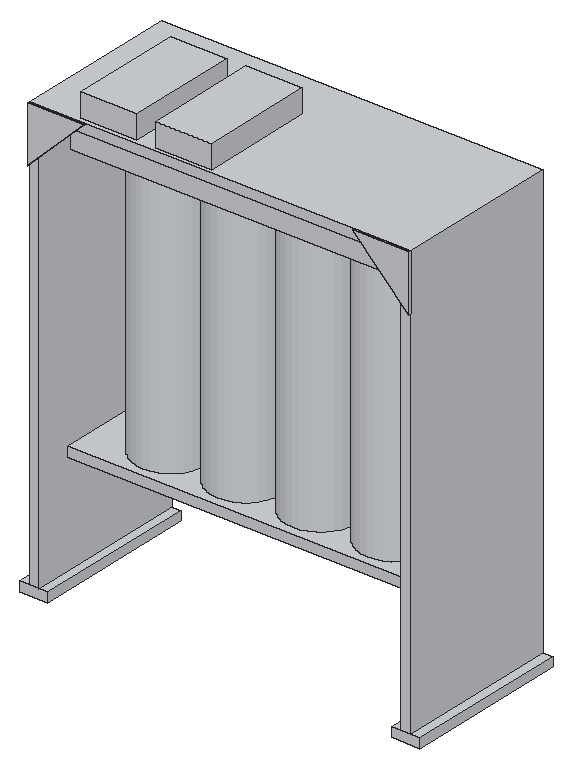
Revit family "M_Filtro d'água - Montado no suporte", category Equipamento mecânico, Revit 2019
Family settings
  Cota do conector redondo = Usar raio
  Tipo de parte = Normal
  Número OmniClass = 23.65.50.11.11.11
  Título OmniClass = Water Filters
  ID de item do Seek = Water Filter - Rack Mounted-0000-CAN-ENU
  Com base no plano de trabalho = Não
  Sempre na vertical = Sim
  Corte com vazios quando carregada = Não
  Compartilhado = Não
  Ponto de cálculo do ambiente = Não
Parameters (values of type "Padrão")
  Largura do filtro de água = 450 mm
  Comprimento do filtro de água = 1035 mm
  Altura do filtro de água = 1200 mm
  Voltagem = 120 V
  Material do rack = none
  Queda de pressão [instance] = 20700.0 Pa
  Raio da saída = 20 mm
  Diâmetro da saída = 2 * Raio da saída  # 40 mm
  Número de pólos = 1
  Raio da embocadura = 20 mm
  Diâmetro da embocadura = 2 * Raio da embocadura  # 40 mm
  Fluxo [instance] = 3.79 L/s
  Material do filtro = none
  Carga aparente = 27.5 VA
Reference planes
  plane 1 "Centro (Frente/Trás)": y = 0
  plane 2: z = 0
  plane 3 "Centro (Esquerda/Direita)": x = 0
  plane 4: x = -517.5
  plane 5: x = 517.5
  plane 6: z = 1200
  plane 7: x = -492.1
  plane 8: x = 492.1
  plane 9: z = 1174.6
  plane 10: y = -450
  plane 11: z = 1047.6
  plane 12: x = -365.1
  plane 13: x = 365.1
  plane 14: y = -456.35
  plane 15: z = 1098.4
  plane 16: y = -127
  plane 17: y = -344.488
  plane 18: z = 304.8
  plane 19: y = -355.6
  plane 20: z = 330.2
  plane 21: y = -235.744
  plane 22: x = -101.6
  plane 23: x = 101.6
  plane 24: x = -304.8
  plane 25: x = 304.8
  plane 26: x = -387.325
  plane 27: x = -234.925
  plane 28: x = -184.125
  plane 29: x = -31.725
  plane 30: y = -131.763
  plane 31: y = -438.15
  plane 32: z = 1263.5
  plane 33: z = 25.4
  plane 34: x = -542.9
  plane 35: x = -466.7
  plane 36: x = 466.7
  plane 37: x = 542.9
  plane 38: x = -287.313
  plane 39: x = -57.125
  plane 40: x = 173.062
  plane 41: z = 1111.1
Forms (mm)
  Extrusion 1, solid, material <- "Material do rack", detail levels medium+fine
    sketch origin (0, 0, 0) x (1, 0, 0) y (0, 0, 1)
      loop
        line (-517.5, 1200) -> (-517.5, 25.4) -> (-492.1, 25.4) -> (-492.1, 1174.6) -> (492.1, 1174.6) -> (492.1, 25.4) -> (517.5, 25.4) -> (517.5, 1200) -> (-517.5, 1200)
    from 0 to 450
  Extrusion 2, solid, material <- "Material do rack", detail levels medium+fine
    sketch origin (0, 0, 0) x (1, 0, 0) y (0, 0, 1)
      loop
        line (-365.1, 1200) -> (-517.5, 1200) -> (-517.5, 1047.6) -> (-365.1, 1200)
      loop
        line (365.1, 1200) -> (517.5, 1047.6) -> (517.5, 1200) -> (365.1, 1200)
    from 450 to 456.35
  Extrusion 3, solid, material <- "Material do filtro", detail levels medium+fine
    sketch origin (0, 0, 0) x (1, 0, 0) y (0, 1, 0)
      loop
        line (-492.1, -127) -> (-492.1, -344.488) -> (492.1, -344.488) -> (492.1, -127) -> (-492.1, -127)
    from 1047.6 to 1174.6
  Extrusion 4, solid, material <- "Material do rack", detail levels medium+fine
    sketch origin (0, 0, 0) x (1, 0, 0) y (0, 1, 0)
      loop
        line (-492.1, 0) -> (-492.1, -355.6) -> (492.1, -355.6) -> (492.1, 0) -> (-492.1, 0)
    from 304.8 to 330.2
  Extrusion 5, solid, material <- "Material do filtro", detail levels medium+fine
    sketch origin (0, 0, 0) x (1, 0, 0) y (0, 1, 0)
      loop
        circle (-304.8, -235.744) r 95.25
      loop
        circle (-101.6, -235.744) r 95.25
      loop
        circle (101.6, -235.744) r 95.25
      loop
        circle (304.8, -235.744) r 95.25
    from 330.2 to 1047.6
  Extrusion 6, solid, material <- "Material do rack"
    sketch origin (0, 0, 0) x (1, 0, 0) y (0, 1, 0)
      loop
        line (-387.325, -131.763) -> (-387.325, -438.15) -> (-234.925, -438.15) -> (-234.925, -131.763) -> (-387.325, -131.763)
      loop
        line (-184.125, -131.763) -> (-184.125, -438.15) -> (-31.725, -438.15) -> (-31.725, -131.763) -> (-184.125, -131.763)
    from 1200 to 1263.5
  Extrusion 7, solid, material <- "Material do rack", detail levels medium+fine
    sketch origin (0, 0, 0) x (1, 0, 0) y (0, 0, 1)
      loop
        line (-542.9, 25.4) -> (-542.9, 0) -> (-466.7, 0) -> (-466.7, 25.4) -> (-542.9, 25.4)
      loop
        line (466.7, 25.4) -> (466.7, 0) -> (542.9, 0) -> (542.9, 25.4) -> (466.7, 25.4)
    from 0 to 450
  Extrusion 8, solid, material <- "Material do filtro", detail levels medium+fine
    sketch origin (0, 0, 0) x (1, 0, 0) y (0, 0, 1)
      loop
        circle (173.063, 1111.1) r 25.4
      loop
        circle (-57.125, 1111.1) r 25.4
      loop
        circle (-287.312, 1111.1) r 25.4
    from 127 to 131.762
  Extrusion 9, solid, material <- "Material do rack", detail levels medium+fine
    sketch origin (0, 0, 0) x (0, 1, 0) y (0, 0, 1)
      loop
        circle (-235.744, 1111.1) r 17.961
    from 492.1 to 517.5
  Extrusion 10, solid, material <- "Material do rack", detail levels medium+fine
    sketch origin (0, 0, 0) x (0, 1, 0) y (0, 0, 1)
      loop
        circle (-235.744, 1111.1) r 17.961
    from -517.5 to -492.1
  Extrusion 11, solid, material <- "Material do rack", detail levels coarse
    sketch origin (0, 0, 0) x (1, 0, 0) y (0, 1, 0)
      loop
        line (-517.5, 0) -> (-517.5, -450) -> (517.5, -450) -> (517.5, 0) -> (-517.5, 0)
    from 0 to 1200
Cuts and joins
  joined: Extrusion 1, Extrusion 9, Extrusion 10
  joined: Extrusion 3, Extrusion 8
Dimensions and locks
  equal spacing: plane 5, plane 3 "Centro (Esquerda/Direita)", plane 4
  "Comprimento do filtro de água": plane 5 to plane 4
  "Altura do filtro de água": plane 6 to plane 2
  locked: plane 5 to plane 8 at 25.4
  locked: plane 7 to plane 4 at 25.4
  locked: plane 6 to plane 9 at 25.4
  "Largura do filtro de água": plane 10 to plane 1 "Centro (Frente/Trás)"
  locked: plane 6 to plane 11 at 152.4
  locked: plane 12 to plane 4 at 152.4
  locked: plane 5 to plane 13 at 152.4
  locked: plane 10 to plane 14 at 6.35
  locked: plane 15 to plane 9 at 76.2
  locked: plane 1 "Centro (Frente/Trás)" to plane 16 at 127
  locked: plane 16 to plane 17 at 217.487
  locked: plane 2 to plane 18 at 304.8
  locked: plane 1 "Centro (Frente/Trás)" to plane 19 at 355.6
  locked: plane 18 to plane 20 at 25.4
  equal spacing: plane 17, plane 21, plane 16
  locked: plane 24 to plane 22 at 203.2
  plane 22 to plane 3 "Centro (Esquerda/Direita)" to plane 23 to plane 25 = 101.6 mm locked, 101.6 mm, 203.2 mm locked
  locked: plane 7 to plane 26 at 104.775
  locked: plane 26 to plane 27 at 152.4
  locked: plane 27 to plane 28 at 50.8
  locked: plane 28 to plane 29 at 152.4
  locked: plane 30 to plane 1 "Centro (Frente/Trás)" at 131.762
  locked: plane 31 to plane 30 at 306.387
  locked: plane 32 to plane 6 at 63.5
  locked: plane 4 to plane 34 at 25.4
  locked: plane 35 to plane 7 at 25.4
  locked: plane 8 to plane 36 at 25.4
  locked: plane 37 to plane 5 at 25.4
  locked: plane 4 to plane 38 at 230.187
  locked: plane 38 to plane 39 at 230.188
  locked: plane 39 to plane 40 at 230.188
  equal spacing: plane 11, plane 41, plane 9
  radius of Extrusion 5 sketch curve = 95.25 mm  (x4)
  radius of Extrusion 8 sketch curve = 25.4 mm
  radius of Extrusion 9 sketch curve = 17.961 mm
  radius of Extrusion 10 sketch curve = 17.961 mm
  aligned and locked: plane 4 to Extrusion 1 sketch curve
  aligned and locked: Extrusion 1 sketch curve to plane 6
  aligned and locked: Extrusion 1 sketch curve to plane 5
  aligned and locked: Extrusion 1 sketch curve to plane 9
  aligned and locked: plane 7 to Extrusion 1 sketch curve
  aligned and locked: Extrusion 1 sketch curve to plane 8
  aligned and locked: Extrusion 1 to plane 1 "Centro (Frente/Trás)"
  aligned and locked: Extrusion 1 to plane 10
  aligned and locked: plane 12 to Extrusion 2 sketch curve
  aligned and locked: plane 6 to Extrusion 2 sketch curve
  aligned and locked: plane 11 to Extrusion 2 sketch curve  (x2)
  aligned and locked: Extrusion 2 sketch curve to plane 5
  aligned and locked: plane 13 to Extrusion 2 sketch curve
  aligned and locked: Extrusion 2 sketch curve to plane 6
  aligned and locked: Extrusion 2 to plane 14
  aligned and locked: plane 10 to Extrusion 2
  aligned and locked: plane 7 to Extrusion 3 sketch curve
  aligned and locked: plane 16 to Extrusion 3 sketch curve
  aligned and locked: plane 17 to Extrusion 3 sketch curve
  aligned and locked: Extrusion 3 sketch curve to plane 8
  aligned and locked: plane 9 to Extrusion 3
  aligned and locked: Extrusion 3 to plane 11
  aligned and locked: Extrusion 1 to Extrusion 4 sketch curve
  aligned and locked: plane 1 "Centro (Frente/Trás)" to Extrusion 4 sketch curve
  aligned and locked: plane 19 to Extrusion 4 sketch curve
  aligned and locked: Extrusion 4 sketch curve to plane 8
  aligned and locked: Extrusion 4 to plane 20
  aligned and locked: plane 18 to Extrusion 4
  aligned and locked: plane 21 to Extrusion 5 sketch curve  (x4)
  aligned and locked: plane 24 to Extrusion 5 sketch curve
  aligned and locked: plane 22 to Extrusion 5 sketch curve
  aligned and locked: plane 23 to Extrusion 5 sketch curve
  aligned and locked: plane 25 to Extrusion 5 sketch curve
  aligned and locked: plane 11 to Extrusion 5
  aligned and locked: plane 20 to Extrusion 5
  aligned and locked: plane 26 to Extrusion 6 sketch curve
  aligned and locked: plane 30 to Extrusion 6 sketch curve  (x2)
  aligned and locked: plane 31 to Extrusion 6 sketch curve  (x2)
  aligned and locked: Extrusion 6 sketch curve to plane 27
  aligned and locked: plane 28 to Extrusion 6 sketch curve
  aligned and locked: Extrusion 6 sketch curve to plane 29
  aligned and locked: plane 32 to Extrusion 6
  aligned and locked: Extrusion 6 to plane 6
  aligned and locked: plane 34 to Extrusion 7 sketch curve
  aligned and locked: Extrusion 7 sketch curve to plane 33  (x2)
  aligned and locked: plane 2 to Extrusion 7 sketch curve  (x2)
  aligned and locked: Extrusion 7 sketch curve to plane 35
  aligned and locked: plane 36 to Extrusion 7 sketch curve
  aligned and locked: Extrusion 7 sketch curve to plane 37
  aligned and locked: Extrusion 7 to plane 1 "Centro (Frente/Trás)"
  aligned and locked: Extrusion 7 to plane 10
  aligned and locked: plane 33 to Extrusion 1 sketch curve  (x2)
  aligned and locked: plane 41 to Extrusion 8 sketch curve  (x3)
  aligned and locked: plane 40 to Extrusion 8 sketch curve
  aligned and locked: plane 39 to Extrusion 8 sketch curve
  aligned and locked: plane 38 to Extrusion 8 sketch curve
  aligned and locked: Extrusion 8 to plane 16
  aligned and locked: plane 30 to Extrusion 8
  aligned and locked: plane 41 to Extrusion 9 sketch curve
  aligned and locked: plane 21 to Extrusion 9 sketch curve
  aligned and locked: Extrusion 1 to Extrusion 9
  aligned and locked: Extrusion 9 to plane 8
  aligned and locked: plane 41 to Extrusion 10 sketch curve
  aligned and locked: plane 21 to Extrusion 10 sketch curve
  aligned and locked: Extrusion 10 to plane 4
  aligned and locked: plane 7 to Extrusion 10
  aligned and locked: Extrusion 11 sketch curve to cut or joined group of Extrusion 1, Extrusion 9, Extrusion 10  (x3)
  aligned and locked: Extrusion 11 sketch curve to Extrusion 2
  aligned and locked: plane 6 to Extrusion 11
  aligned and locked: Extrusion 11 to plane 2
Automatic sketch dimensions
  Extrusion 2 sketch curve to plane 4 = 0 mm
  radius of Extrusion 8 sketch curve = 25.4 mm  (x2)
Connectors
  piping at (-517.5, -235.744, 1111.1), diameter 40, driven by "Raio da embocadura", driven by "Fluxo"
    settings: on Extrusion 10, index 1, connector inside diameter 40 mm, connector length 0 mm, flow factor 0, pipe flow 3.79 L/s, pressure drop 0.0 Pa, fitting loss kfactor 0, connector angle 0.00°, fixture units 0, engagement length 0 mm, angle of deflection 0.00°, flow configuration 1, flow direction 1, fitting loss method 0, system type 20, joint type 0, gender type 0, connector reference index -1, connector utility 0, adjustable connector no, is connector primary yes, connector description "In"
  piping at (517.5, -235.744, 1111.1), diameter 40, driven by "Queda de pressão", driven by "Fluxo", driven by "Raio da saída"
    settings: on Extrusion 9, index 2, connector inside diameter 40 mm, connector length 0 mm, flow factor 0, pipe flow 3.79 L/s, pressure drop 20700.0 Pa, fitting loss kfactor 0, connector angle 0.00°, fixture units 0, engagement length 0 mm, angle of deflection 0.00°, flow configuration 0, flow direction 2, fitting loss method 4, system type 20, joint type 0, gender type 0, connector reference index -1, connector utility 0, adjustable connector no, is connector primary no, connector description "Saída"
  piping at (-287.312, -127, 1111.1), diameter 40, driven by "Raio da saída", driven by "Fluxo", driven by "Queda de pressão"
    settings: on Extrusion 8, index 3, connector inside diameter 40 mm, connector length 0 mm, flow factor 0, pipe flow 3.79 L/s, pressure drop 20700.0 Pa, fitting loss kfactor 0, connector angle 0.00°, fixture units 0, engagement length 0 mm, angle of deflection 0.00°, flow configuration 0, flow direction 2, fitting loss method 4, system type 20, joint type 0, gender type 0, connector reference index -1, connector utility 0, adjustable connector no, is connector primary no, connector description "Saída"
  piping at (-57.125, -127, 1111.1), diameter 40, driven by "Queda de pressão", driven by "Fluxo", driven by "Raio da saída"
    settings: on Extrusion 8, index 4, connector inside diameter 40 mm, connector length 0 mm, flow factor 0, pipe flow 3.79 L/s, pressure drop 20700.0 Pa, fitting loss kfactor 0, connector angle 0.00°, fixture units 0, engagement length 0 mm, angle of deflection 0.00°, flow configuration 0, flow direction 2, fitting loss method 4, system type 20, joint type 0, gender type 0, connector reference index -1, connector utility 0, adjustable connector no, is connector primary no, connector description "Saída"
  piping at (173.063, -127, 1111.1), diameter 40, driven by "Fluxo", driven by "Queda de pressão", driven by "Raio da saída"
    settings: on Extrusion 8, index 5, connector inside diameter 40 mm, connector length 0 mm, flow factor 0, pipe flow 3.79 L/s, pressure drop 20700.0 Pa, fitting loss kfactor 0, connector angle 0.00°, fixture units 0, engagement length 0 mm, angle of deflection 0.00°, flow configuration 0, flow direction 2, fitting loss method 4, system type 20, joint type 0, gender type 0, connector reference index -1, connector utility 0, adjustable connector no, is connector primary no, connector description "Saída"
